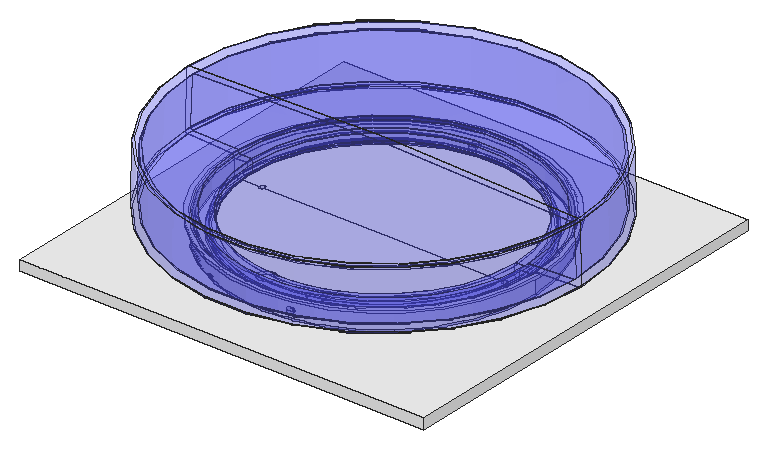
Revit family "BE_34288_de_DE", category Leuchten, Revit 2015
Parameters (values of type "BEGA_34288_K4")
  built-in parameter 1150104 = 11.446 (stored number, unit not read)
  Wattage = 25.9 W
  Default Elevation = 0 mm
  built-in parameter 1150113 = 1 (stored number, unit not read)
  built-in parameter 1114218 = 1 (stored number, unit not read)
  Umgebungstemperatur = "25 °C"
  URL = "http://www.bega.de/produkt/34288"
  Typenkommentare = "© 2017 BEGA. Wir behalten uns das Recht vor, technische Änderungen ohne vorherige Ankündigung vorzunehmen."  # constant formula
  built-in parameter 1150134 = (empty or 0)
  built-in parameter 1150109 = 1 (stored number, unit not read)
  Strom = ""
  built-in parameter 1150110 = 1 (stored number, unit not read)
  Spannung = 239.996 V
  Sonderanfertigung = no
  Seriennummer [instance] = "Hier können Sie die eindeutige Seriennummer für das Facility Management eintragen."
  Schutzklasse = "I"
  Schutzart = "IP 44"
  Scheinlast = 0 VA
  Produktdatenblatt = "http://www.bega.de/download/Xrfa/db/34288.db.de.pdf"
  Oberflächentemperatur = ""
  Neigungswinkel = 0.00°
  Modell = "34288K4"
  Material_17 = BEGA_Reflektor
  Material_15 = BEGA_Leuchtmedium_matt
  Material_11 = BEGA_Glas_opal
  Material_09 = BEGA_Glas_klar
  Material_06 = BEGA_Oberfläche_Edelstahl_gebürstet
  Material_05 = BEGA_Oberfläche_Aluminium Guss
  Material_03 = BEGA_Oberfläche_Weiss_matt
  Material_02 = BEGA_Oberfläche_Silber_matt
  Material_01 [instance] = BEGA_Oberfläche_Grafit_matt
  M_W = no
  M_G = no
  M_A = no
  Logo = 0
  built-in parameter 1114217 = 1 (stored number, unit not read)
  built-in parameter 1150139 = (empty or 0)
  built-in parameter 1150105 = 802.14 (stored number, unit not read)
  built-in parameter 1150114 = 1 (stored number, unit not read)
  Lumens = 3190.88 lm
  built-in parameter 1150115 = 1 (stored number, unit not read)
  Leuchtenlichtstrom = "2175 lm"
  Leuchtenanzahl = ""
  Lebensdauerkriterien = "L70B50 @ 25 °C = 148000 h"
  Lastklassifizierung = Beleuchtung
  built-in parameter 1150112 = 1 (stored number, unit not read)
  Lampenlichtstrom = "3190 lm"
  Lampe = "LED 25.9 W"
  LED_Modulbezeichnung = "LED-0570/940 "
  Hersteller = "BEGA"  # constant formula
  Halbstreuwinkel = ""
  Gewicht = "4.0 kg"
  Gebrauchslageneinschränkung [instance] = ""
  Frequenz = "0/50-60 Hz"
  Farbwiedergabeindex = "Ra > 90"
  Farbtemperaturverschiebung bei Dämpfen der Lampe = <Keine Auswahl>
  Farbtemperatur = "4000 K"
  Color Filter = 16777215
  built-in parameter 1150133 = 10 (stored number, unit not read)
  Energieeffizienzklasse = "LED A++ - A"
  built-in parameter 1150137 = (empty or 0)
  built-in parameter 1150132 = (empty or 0)
  ENEC = ""
  Dimmbar [instance] = "DALI"
  Datei für fotometrisches Netz = "BE_34288K4P_PRE.IES"
  CE_Konformität = "ja"
  Bestellnummer = "34288K4"
  Beschreibung_Sonderanfertigung = "Hier können Sie Informationen zur Sonderanfertigung eintragen."
  Beschreibung = "Decken- und Wandleuchte"
  built-in parameter 1150106 = 8.0214 (stored number, unit not read)
  Befestigungsbohrung = "Ø 5,5 mm"
  Befestigungsabstand = "240 mm"
  Ballwurfsicher = ""
  BEGA_Intern_aus = yes
  BEGA_Intern_an = yes
  BEGA_Intern_Konstruktion = yes
  BEGA_Intern = yes
  BEGA_IES = yes
  BEGA_Dummy = no
  Anschlussleitung = ""
  Anschlussleistung [instance] = "29.4 W"
  Anschlusskasten = ""
  built-in parameter 1150107 = 3000 (stored number, unit not read)
  built-in parameter 1150102 = (empty or 0)
  built-in parameter 1150138 = (empty or 0)
  Aktualisierung = "2017-08-24T04:09:24"
  Abstand_zur_angestrahlten_Fläche [instance] = ""
  AC/DC = "AC/DC"
Types (2, lengths in mm): name | built-in parameter 1150104 | Modell | built-in parameter 1150105 | Lumens | Leuchtenlichtstrom | Lampenlichtstrom | LED_Modulbezeichnung | Farbtemperatur | Datei für fotometrisches Netz | Bestellnummer | built-in parameter 1150106
  BEGA_34288_K4 | 11.446 (stored number, unit not read) | "34288K4" | 802.14 (stored number, unit not read) | 3190.88 lm | "2175 lm" | "3190 lm" | "LED-0570/940 " | "4000 K" | "BE_34288K4P_PRE.IES" | "34288K4" | 8.0214 (stored number, unit not read)
  BEGA_34288_K3 | 11.046 (stored number, unit not read) | "34288" | 245.06 (stored number, unit not read) | 3079.51 lm | "2100 lm" | "3080 lm" | "LED-0570/930 " | "3000 K" | "BE_34288.IES" | "34288" | 2.4506 (stored number, unit not read)
Reference planes
  plane 1 "Mitte (Vorne/Hinten)": y = 0
  plane 2: z = 0
  plane 3 "Mitte (Links/Rechts)": x = 0
  plane 4 "Links": x = -195.948
  plane 5 "Rechts": x = 195.948
  plane 6 "Unten": y = -195.9
  plane 7 "Oben": y = 195.9
  plane 8 "Vorne": z = 91.23
  plane 9 "Hinten": z = 0
Forms (mm)
  Extrusion 1, solid, material "BEGA_Platte_Weiss"
    sketch origin (0, -1119.2, 0) x (1, 0, 0) y (0, 1, 0)
      loop
        line (-200, 1319.2) -> (-200, 919.2) -> (200, 919.2) -> (200, 1319.2) -> (-200, 1319.2)
    from 0 to -10
  Extrusion 2, solid, material "BEGA_Dummy_matt", visible <- "BEGA_Dummy"
    sketch origin (77.149, -76.023, 0) x (1, 0, 0) y (0, 1, 0)
      loop
        circle (-77.149, 76.023) r 195.948
    from 0 to 91.23
Dimensions and locks
  plane 1 "Mitte (Vorne/Hinten)" to Extrusion 1 = 200 mm
  aligned and locked: plane 2 to Extrusion 1
  aligned and locked: level to Extrusion 1
Nested families
  nested 1: "BE_34288" at (0, 0, 0), type "BE_34288"
Connectors
  electrical at (0, 0, 0), driven by "Lastklassifizierung", driven by "Spannung", driven by "Scheinlast"
    settings: index 1, voltage 239.996 V, apparent load 0 VA, apparent load phase1 0 VA, apparent load phase2 0 VA, apparent load phase3 0 VA, power factor 1, load classification "Beleuchtung", number of poles 1, system type 31, power factor state 1, is connector primary yes, connector utility no, sub classification motor no, connector description ""
Definition of nested family "BE_34288"
  Parameters (values of type "BE_34288")
    Default Elevation = 1 mm
    URL = "http://www.bega.de/de/produkt"
    Type Comments = "© 2015 BEGA. Wir behalten uns das Recht vor, technische Änderungen ohne vorherige Ankündigung vorzunehmen. "  # constant formula
    Type Image = (empty or 0)
    Neigungswinkel_um_Z2 = 0.00°
    Neigungswinkel_um_Z1 = 0.00°
    Neigungswinkel_um_Y2 = 0.00°
    Neigungswinkel_um_Y1 = 0.00°
    Neigungswinkel_um_X2 = 0.00°
    Neigungswinkel_um_X1 = 0.00°
    Material_17 = none
    Material_15 = none
    Material_11 = none
    Material_09 = none
    Material_06 = none
    Material_05 = none
    Material_03 = none
    Material_02 = none
    Material_01 = none
    M_W = yes
    M_G = yes
    M_A = yes
    Länge_Platte = 450 mm  # constant formula
    Höhe_Platte = -10 mm  # constant formula
    Manufacturer = "BEGA"  # constant formula
    Drehwinkel_um_Z2 = 0.00°
    Drehwinkel_um_Z1 = 0.00°
    Breite_Platte = 450 mm  # constant formula
  Reference planes
    plane 1 "Mitte (Oben/Unten)": y = 0
    plane 2: z = 0
    plane 3 "Mitte (Links/Rechts)": x = 0
    plane 4: x = -195.948
    plane 5: z = 91.23
    plane 6: x = 195.948
    plane 7: y = -195.9
    plane 8: y = 195.9
  Forms (mm)
    Extrusion 1, solid, detail levels medium
      sketch origin (0, 0, 0) x (1, 0, 0) y (0, 1, 0)
        loop
          line (-225, 225) -> (-225, -225) -> (225, -225) -> (225, 225) -> (-225, 225)
      from 0 to -10 <- "Höhe_Platte"
    Revolve 2, solid, material <- "Material_03", detail levels medium+fine
      sketch origin (0, 0, 0) x (1, 0, 0) y (0, 0, 1)
        loop
          line (-155, 22) -> (-150.815, 22) -> (-150.518, 4.944)
          arc (-150.518, 4.944) -> (-149.622, 2.854) -> (-147.518, 1.99) r 3
          line (-147.518, 1.99) -> (0, 1.99) -> (0, 4) -> (-147.518, 4)
          arc (-147.518, 4) -> (-148.219, 4.287) -> (-148.518, 4.983) r 1
          line (-148.518, 4.983) -> (-148.818, 22.171)
          arc (-148.818, 22.171) -> (-149.458, 23.474) -> (-150.811, 24) r 2
          line (-150.811, 24) -> (-155, 24) -> (-155, 22)
        axis (0, 1.99) -> (0, 24)
      angle from 0 to 360
    Revolve 3, solid, material <- "Material_03", detail levels medium+fine
      sketch origin (-20.712, 98.288, 0) x (-1, 0, 0) y (0, 0, 1)
        loop
          arc (-124.759, 2.845) -> (-122.212, 0.75) -> (-119, 0) r 7.249
          line (-119, 0) -> (-119, 2.845) -> (-124.759, 2.845)
        axis (-119, 0) -> (-119, 2.845)
      angle from 0 to 360
    Revolve 4, solid, material <- "Material_11", detail levels medium+fine
      sketch origin (0, 0, 0) x (1, 0, 0) y (0, 0, 1)
        loop
          arc (0, 91.23) -> (-96.315, 90.004) -> (-192.567, 86.325) r 3782.243
          arc (-192.567, 86.325) -> (-193.896, 85.724) -> (-194.464, 84.38) r 2
          line (-194.464, 84.38) -> (-195.948, 27.704)
          arc (-195.948, 27.704) -> (-195.403, 26.287) -> (-194.019, 25.661) r 2
          line (-194.019, 25.661) -> (-148.96, 24.087)
          arc (-148.96, 24.087) -> (-148.287, 21.659) -> (-146, 20.6) r 3
          line (-146, 20.6) -> (-135, 20.6) -> (-135, 14.367) -> (-138, 12.029) -> (-138, 8.6) -> (-135, 8.6) -> (-135, 10.613) -> (-132.71, 11.227)
          arc (-132.71, 11.227) -> (-130.575, 12.656) -> (-129.75, 15.089) r 4
          line (-129.75, 15.089) -> (-129.75, 21.91)
          arc (-129.75, 21.91) -> (-130.06, 23.971) -> (-130.964, 25.85) r 7
          line (-130.964, 25.85) -> (-143.75, 25.85) -> (-143.75, 29.159) -> (-188.631, 30.726)
          arc (-188.631, 30.726) -> (-190.017, 31.351) -> (-190.564, 32.769) r 2
          line (-190.564, 32.769) -> (-189.334, 79.381)
          arc (-189.334, 79.381) -> (-188.766, 80.726) -> (-187.434, 81.326) r 2
          arc (-187.434, 81.326) -> (-93.746, 84.816) -> (0, 85.98) r 3776.993
          line (0, 85.98) -> (0, 91.23)
        axis (0, 91.23) -> (0, 8.6)
      angle from 0 to 360
    Extrusion 5, void
      sketch origin (0, 0, 0) x (1, 0, 0) y (0, 1, 0)
        loop
          circle (-30, -107.5) r 8.5
        loop
          circle (20, -107.5) r 8.5
        loop
          circle (-120, 0) r 2.75
        loop
          circle (120, 0) r 2.75
      from 0 to 6
    Revolve 6, solid, material <- "Material_03", detail levels medium+fine
      sketch origin (98.288, 20.712, 0) x (0, 1, 0) y (0, 0, 1)
        loop
          arc (-124.759, 2.845) -> (-122.212, 0.75) -> (-119, 0) r 7.249
          line (-119, 0) -> (-119, 2.845) -> (-124.759, 2.845)
        axis (-119, 0) -> (-119, 2.845)
      angle from 0 to 360
    Revolve 7, solid, material <- "Material_03", detail levels medium+fine
      sketch origin (-98.288, -20.712, 0) x (0, -1, 0) y (0, 0, 1)
        loop
          arc (-124.759, 2.845) -> (-122.212, 0.75) -> (-119, 0) r 7.249
          line (-119, 0) -> (-119, 2.845) -> (-124.759, 2.845)
        axis (-119, 0) -> (-119, 2.845)
      angle from 0 to 360
    Revolve 8, solid, material <- "Material_03", detail levels medium+fine
      sketch origin (20.712, -98.288, 0) x (1, 0, 0) y (0, 0, 1)
        loop
          arc (-124.759, 2.845) -> (-122.212, 0.75) -> (-119, 0) r 7.249
          line (-119, 0) -> (-119, 2.845) -> (-124.759, 2.845)
        axis (-119, 0) -> (-119, 2.845)
      angle from 0 to 360
    Revolve 9, solid, material <- "Material_06", detail levels fine
      sketch origin (0, 0, 11.5) x (1, 0, 0) y (0, 1, 0)
        loop
          line (22.977, -149.027) -> (26.178, -148.463) -> (24.806, -140.684) -> (21.606, -141.249) -> (22.977, -149.027)
        axis (24.806, -140.684) -> (26.178, -148.463)
      angle from 0 to 360
    Revolve 10, solid, material <- "Material_06", detail levels fine
      sketch origin (0, 0, 11.5) x (0.939693, 0.34202, 0) y (-0.34202, 0.939693, 0)
        loop
          line (22.977, 149.027) -> (21.606, 141.249) -> (24.806, 140.684) -> (26.178, 148.463) -> (22.977, 149.027)
        axis (24.806, 140.684) -> (26.178, 148.463)
      angle from 0 to 360
  Cuts and joins
    Extrusion 5 cuts Revolve 2
    Extrusion 5 cuts Revolve 3
    joined: Revolve 2, Revolve 3, Revolve 6, Revolve 7, Revolve 8
  Dimensions and locks
    equal spacing: Extrusion 1 sketch curve, plane 3 "Mitte (Links/Rechts)", Extrusion 1 sketch curve
    equal spacing: Extrusion 1 sketch curve, plane 1 "Mitte (Oben/Unten)", Extrusion 1 sketch curve
    "Länge_Platte": Extrusion 1 sketch curve to Extrusion 1 sketch curve
    "Breite_Platte": Extrusion 1 sketch curve to Extrusion 1 sketch curve
    aligned and locked: Extrusion 1 to plane 2
    aligned and locked: level to Extrusion 1
  Automatic sketch dimensions
    Revolve 2 sketch curve to plane 3 "Mitte (Links/Rechts)" = 0 mm  (x2)
    level to Revolve 2 sketch curve = 4.993 mm
    Revolve 2 sketch curve to Revolve 2 sketch curve = 0 mm  (x4)
    level to Revolve 2 sketch curve = 4.983 mm
    Revolve 2 sketch curve to Revolve 2 sketch curve = 1 mm
    Revolve 2 sketch curve to Revolve 2 sketch curve = 0.3 mm
    level to Revolve 2 sketch curve = 4.944 mm
    Revolve 2 sketch curve to Revolve 2 sketch curve = 2 mm
    Revolve 2 sketch curve to Revolve 2 sketch curve = 1.993 mm
    Revolve 2 sketch curve to Revolve 2 sketch curve = 0.005 mm
    Revolve 2 sketch curve to Revolve 2 sketch curve = 4.185 mm
    level to Revolve 2 sketch curve = 1.99 mm
    Revolve 2 sketch curve to Revolve 2 sketch curve = 2.01 mm
    Revolve 2 sketch curve to Revolve 2 sketch curve = 17.056 mm
    Revolve 2 sketch curve to Revolve 2 sketch curve = 0.171 mm
    Revolve 2 sketch curve to Revolve 2 sketch curve = 0.569 mm
    level to Revolve 3 sketch curve = 2.845 mm
    Revolve 3 sketch curve to Revolve 3 sketch curve = 5.758 mm
    Revolve 3 sketch curve to Revolve 3 sketch curve = 0 mm  (x3)
    level to Revolve 3 sketch curve = 0 mm
    Revolve 3 sketch curve to Revolve 3 sketch curve = 0.469 mm
    plane 1 "Mitte (Oben/Unten)" to Extrusion 5 sketch curve = 0 mm  (x2)
    Extrusion 5 sketch curve to plane 3 "Mitte (Links/Rechts)" = 30 mm
    plane 3 "Mitte (Links/Rechts)" to Extrusion 5 sketch curve = 20 mm
    Extrusion 5 sketch curve to Extrusion 5 sketch curve = 0 mm
    level to Revolve 6 sketch curve = 2.845 mm
    Revolve 6 sketch curve to Revolve 6 sketch curve = 5.758 mm
    Revolve 6 sketch curve to Revolve 6 sketch curve = 0 mm  (x3)
    level to Revolve 6 sketch curve = 0 mm
    Revolve 6 sketch curve to Revolve 6 sketch curve = 0.469 mm
    level to Revolve 7 sketch curve = 2.845 mm
    Revolve 7 sketch curve to Revolve 7 sketch curve = 5.758 mm
    Revolve 7 sketch curve to Revolve 7 sketch curve = 0 mm  (x3)
    level to Revolve 7 sketch curve = 0 mm
    Revolve 7 sketch curve to Revolve 7 sketch curve = 0.469 mm
    level to Revolve 8 sketch curve = 2.845 mm
    Revolve 8 sketch curve to Revolve 8 sketch curve = 5.758 mm
    Revolve 8 sketch curve to Revolve 8 sketch curve = 0 mm  (x3)
    level to Revolve 8 sketch curve = 0 mm
    Revolve 8 sketch curve to Revolve 8 sketch curve = 0.469 mm
    plane 3 "Mitte (Links/Rechts)" to Revolve 9 sketch curve = 21.606 mm
    Revolve 9 sketch curve to Revolve 9 sketch curve = 1.371 mm
    Revolve 9 sketch curve to Revolve 9 sketch curve = 3.201 mm  (x2)
    Revolve 9 sketch curve to Revolve 9 sketch curve = 0.564 mm  (x2)
    Revolve 9 sketch curve to Revolve 9 sketch curve = 7.778 mm
    Revolve 9 sketch curve to Revolve 9 sketch curve = 0 mm  (x2)
    Revolve 9 sketch curve to Revolve 9 sketch curve = 0.068 mm
    Revolve 9 sketch curve to Revolve 9 sketch curve = 0.386 mm
    Revolve 10 sketch curve to plane 3 "Mitte (Links/Rechts)" = 28.007 mm
    Revolve 10 sketch curve to Revolve 10 sketch curve = 1.371 mm
    Revolve 10 sketch curve to Revolve 10 sketch curve = 3.201 mm  (x2)
    Revolve 10 sketch curve to Revolve 10 sketch curve = 0.564 mm  (x2)
    Revolve 10 sketch curve to Revolve 10 sketch curve = 7.778 mm
    Revolve 10 sketch curve to Revolve 10 sketch curve = 0 mm  (x2)
    Revolve 10 sketch curve to Revolve 10 sketch curve = 0.068 mm
    Revolve 10 sketch curve to Revolve 10 sketch curve = 0.386 mm
    Revolve 4 sketch curve to plane 3 "Mitte (Links/Rechts)" = 0 mm  (x3)
    Revolve 4 sketch curve to Revolve 4 sketch curve = 0.009 mm  (x2)
    level to Revolve 4 sketch curve = 11.227 mm
    Revolve 4 sketch curve to Revolve 4 sketch curve = 1.746 mm
    Revolve 4 sketch curve to Revolve 4 sketch curve = 1.04 mm
    level to Revolve 4 sketch curve = 14.367 mm
    Revolve 4 sketch curve to Revolve 4 sketch curve = 1.25 mm
    Revolve 4 sketch curve to Revolve 4 sketch curve = 2.29 mm
    Revolve 4 sketch curve to Revolve 4 sketch curve = 1.75 mm
    Revolve 4 sketch curve to Revolve 4 sketch curve = 3 mm  (x2)
    Revolve 4 sketch curve to Revolve 4 sketch curve = 7 mm
    Revolve 4 sketch curve to Revolve 4 sketch curve = 2.25 mm  (x2)
    Revolve 4 sketch curve to Revolve 4 sketch curve = 2.96 mm
    Revolve 4 sketch curve to Revolve 4 sketch curve = 0.067 mm
    Revolve 4 sketch curve to Revolve 4 sketch curve = 2 mm  (x2)
    Revolve 4 sketch curve to Revolve 4 sketch curve = 5.13 mm
    Revolve 4 sketch curve to Revolve 4 sketch curve = 3.385 mm
    Revolve 4 sketch curve to Revolve 4 sketch curve = 0.614 mm
    Revolve 4 sketch curve to Revolve 4 sketch curve = 2.013 mm
    Revolve 4 sketch curve to level = 3691.013 mm
    Revolve 4 sketch curve to Revolve 4 sketch curve = 0.001 mm
    Revolve 4 sketch curve to Revolve 4 sketch curve = 1.416 mm
    Revolve 4 sketch curve to Revolve 4 sketch curve = 0.722 mm
    Revolve 4 sketch curve to Revolve 4 sketch curve = 5.511 mm
    Revolve 4 sketch curve to Revolve 4 sketch curve = 1.31 mm
    Revolve 4 sketch curve to Revolve 4 sketch curve = 0.487 mm
    level to Revolve 4 sketch curve = 27.66 mm
    Revolve 4 sketch curve to Revolve 4 sketch curve = 0.045 mm
    Revolve 4 sketch curve to Revolve 4 sketch curve = 3.309 mm
    Revolve 4 sketch curve to Revolve 4 sketch curve = 3.066 mm
    Revolve 4 sketch curve to Revolve 4 sketch curve = 1.999 mm  (x3)
    Revolve 4 sketch curve to Revolve 4 sketch curve = 5.251 mm
    Revolve 4 sketch curve to Revolve 4 sketch curve = 0 mm  (x14)
    Revolve 4 sketch curve to Revolve 4 sketch curve = 0.07 mm
    Revolve 4 sketch curve to Revolve 4 sketch curve = 3.94 mm
    Revolve 4 sketch curve to Revolve 4 sketch curve = 46.604 mm
    Revolve 4 sketch curve to Revolve 4 sketch curve = 4.999 mm
    level to Revolve 4 sketch curve = 85.98 mm
    Revolve 4 sketch curve to Revolve 4 sketch curve = 20.725 mm
    Revolve 2 sketch curve to plane 3 "Mitte (Links/Rechts)" = 147.518 mm
    Revolve 4 sketch curve to plane 3 "Mitte (Links/Rechts)" = 130.964 mm
    Revolve 4 sketch curve to Revolve 4 sketch curve = 43.585 mm
    Revolve 4 sketch curve to Revolve 4 sketch curve = 39.604 mm
    Extrusion 5 sketch curve to plane 3 "Mitte (Links/Rechts)" = 120 mm
    Revolve 8 sketch curve to plane 3 "Mitte (Links/Rechts)" = 104.046 mm
    plane 3 "Mitte (Links/Rechts)" to Revolve 3 sketch curve = 104.046 mm
    plane 3 "Mitte (Links/Rechts)" to Extrusion 5 sketch curve = 120 mm
    plane 1 "Mitte (Oben/Unten)" to Extrusion 5 sketch curve = 107.5 mm
    plane 1 "Mitte (Oben/Unten)" to Revolve 6 sketch curve = 104.046 mm
    plane 1 "Mitte (Oben/Unten)" to Revolve 9 sketch curve = 149.027 mm
    Revolve 7 sketch curve to plane 1 "Mitte (Oben/Unten)" = 104.046 mm
    Revolve 10 sketch curve to plane 1 "Mitte (Oben/Unten)" = 140.12 mm
    radius of Extrusion 5 sketch curve = 8.5 mm  (x2)
    radius of Extrusion 5 sketch curve = 2.75 mm  (x2)
